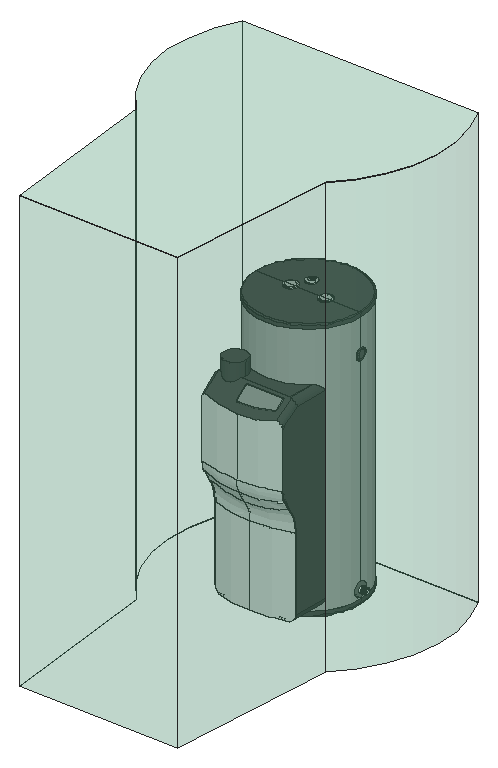
Revit family "Innovo GB_IR 12 160 GB NAT", category Mechanical Equipment, Revit 2015
Parameters (values of type "IR-12-160 GB NAT")
  Workspace Radius = Diameter + 170 mm  # 780 mm
  Workspace Height = Height + 1000 mm  # 2545 mm
  Workspace Front Distance = 1000 mm
  Working only during off-peak hour = no
  Width = Diameter  # 610 mm
  Workspace [instance] = yes
  Water heating energy efficiency class (2) = "-"
  Water heating energy efficiency class (1) = "A"  # constant formula
  Water heating energy efficiency (2) = "-"
  Water heating energy efficiency (1) = "92%"
  Warranty on tank = "36 months"  # constant formula
  Warranty on parts = "12 months"  # constant formula
  Voltage = 230 V  # constant formula
  Valve Height 02 = if(and(Height = 1745 mm, Diameter = 675 mm), 1518 mm, if(and(Height = 1745 mm, Diameter = 610 mm), 1534 mm, if(Height = 1545 mm, 1328 mm, 1070 mm)))  # 1328 mm
  Valve Height 01 = if(and(Diameter > 560 mm), 693 mm, 604 mm)  # 693 mm
  URL = "www.aosmith.co.uk"
  Type of Packaging = "Carton and Wood"  # constant formula
  Transport Weight = 136 kg
  Trade mark = "A.O. Smith"  # constant formula
  Thermostat temperature setting = 65 °C  # constant formula
  T&P Connection Rp = 1"
  Storage Capacity = 245.0 L
  Standard Set For = "G31"
  Stand-by Loss - daily (24h) = 0 W
  Stand-by Loss = 0 W
  Smart control = no
  Serial Number = "8717449286187"
  Seasonal Energy Efficiency Rating = [Energy Efficiency Rating (Hs, acc NEN-EN 89-1999)]  # 96
  Recovery Rate @ ΔT = 70°C = 290.0 L/s
  Recovery Rate @ ΔT = 55°C = 370.0 L/s
  Recovery Rate @ ΔT = 50°C = 400.0 L/s
  Recovery Rate @ ΔT = 44°C = 460.0 L/s
  Recovery Rate @ ΔT = 28°C = 730.0 L/s
  Product Instruction Link = ""
  Product Documentation Link = ""
  Precaustions during assembling, installation or maintenance = "see User, Installation, Service and Maintenance Manual"  # constant formula
  Power Consumption (peak) = 105 W
  Power Consumption (nominal) = 51 W
  Phase = 1
  Packaging Width = 786 mm  # constant formula
  Packaging Length = 946 mm  # constant formula
  Packaging Height = 1695 mm
  Other load profile = "-"
  Operating Weight = 381 kg
  Nominal Output = "23000"
  Nominal Heat Input (Net) = "22000"
  Nominal Heat Input (Gross) = "23900"
  Noice-level dB (A) = "<45"  # constant formula
  NOx Emissions mg/kWh = "80.0/33.0"
  NOx Emissions (air free, 0% O2) ppm = "48.0/20.0"
  Model identifier = "IR-24-285"
  Model = "IR-24-245 GB LP"
  Min. Setpoint = 40 °C  # constant formula
  Max. Setpoint = 85 °C  # constant formula
  Max. Operating Pressure = 800000.0 Pa
  Max. Flue Gas Outlet Temperature = 57 °C
  Manufacturer Number = "E 7110"  # constant formula
  Manufacturer = "A.O. Smith Water Products Company b.v."  # constant formula
  Maintenance Interval = "12 months"  # constant formula
  Load profile = "XXL"
  Length = 780 mm  # constant formula
  Insulation Thickness = 44 mm
  Installation Type = "B23/C13/C33/C43/C53/C63"  # constant formula
  Indoor sound power level = "53 dB"
  Hot / Warm Water Connection R = 1"
  Height Warm Water Outlet = 1545 mm
  Height Gas Connection = 920 mm
  Height Flue Outlet = 1345 mm
  Height Cold Water Inlet = 170 mm
  Height Air Inlet = 1345 mm
  Height = 1545 mm
  Heating Up Time @ ΔT = 70°C = "40"
  Heating Up Time @ ΔT = 55°C = "32"
  Heating Up Time @ ΔT = 50°C = "29"
  Heating Up Time @ ΔT = 44°C = "25"
  Heating Up Time @ ΔT = 28°C = "16"
  Gas Supply Pressure = 3700.0 Pa
  Gas Flow Rate - Volume ltr/hr = "n.a."
  Gas Flow Rate - Mass kg/h = "1.7"
  Gas Connection R = 15"  # constant formula
  Gas Category = "II2E3P"  # constant formula
  Frequency = 50 Hz  # constant formula
  Flue Diameter - water heater = "80/125 mm/mm"  # constant formula
  Flue Diameter - parallel system = "2x80"  # constant formula
  Flue Diameter - concentric system = "80/125 mm/mm"  # constant formula
  Energy Efficiency Rating (Hs, acc NEN-EN 89-1999) = 96
  Energy Efficiency Rating (Hi, acc NEN-EN 89-1999) = 107
  Empty Weight = 120 kg
  Draw-off Capacity @ ΔT = 70°C after 90 min. = 570.0 L
  Draw-off Capacity @ ΔT = 70°C after 60 min. = 430.0 L
  Draw-off Capacity @ ΔT = 70°C after 30 min. = 280.0 L
  Draw-off Capacity @ ΔT = 70°C after 120 min. = 720.0 L
  Draw-off Capacity @ ΔT = 55°C after 90 min. = 760.0 L
  Draw-off Capacity @ ΔT = 55°C after 60 min. = 570.0 L
  Draw-off Capacity @ ΔT = 55°C after 30 min. = 390.0 L
  Draw-off Capacity @ ΔT = 55°C after 120 min. = 940.0 L
  Draw-off Capacity @ ΔT = 50°C after 90 min. = 840.0 L
  Draw-off Capacity @ ΔT = 50°C after 60 min. = 640.0 L
  Draw-off Capacity @ ΔT = 50°C after 30 min. = 440.0 L
  Draw-off Capacity @ ΔT = 50°C after 120 min. = 1100.0 L
  Draw-off Capacity @ ΔT = 44°C after 90 min. = 970.0 L
  Draw-off Capacity @ ΔT = 44°C after 60 min. = 740.0 L
  Draw-off Capacity @ ΔT = 44°C after 30 min. = 510.0 L
  Draw-off Capacity @ ΔT = 44°C after 120 min. = 1200.0 L
  Draw-off Capacity @ ΔT = 28°C after 90 min. = 1600.0 L
  Draw-off Capacity @ ΔT = 28°C after 60 min. = 1200.0 L
  Draw-off Capacity @ ΔT = 28°C after 30 min. = 830.0 L
  Draw-off Capacity @ ΔT = 28°C after 120 min. = 2000.0 L
  Drain Valve Connection Rp = 3/4"  # constant formula
  Diameter = 610 mm
  Destination / Country = "UK & Ireland"  # constant formula
  Description = "Condensing High Efficiency Storage Water Heater"  # constant formula
  Default Setpoint = 65 °C  # constant formula
  Created By = "http://www.cadcompany.nl/"
  Condens Discharge Connection = 40 mm  # constant formula
  Cold Water Connection R = 3/4"  # constant formula
  Co2 Emissions (tol. +/- 1.0) vol% = "10"
  CE-PIN = "0063CQ3037"  # constant formula
  BIM Content Developer = "CAD & Company"  # constant formula
  Assembly Code = "D3010"
  Annual fuel consumption (2) = "-"
  Annual fuel consumption (1) = "21 GJ GCV"
  Annual electricity consumption (2) = "-"
  Annual electricity consumption (1) = "42 kWh"
  APS Pressure < = 210.0 Pa
  2nd Maintenance (general maintenance) = "12 months after installation"  # constant formula
  1e Maintenance (check-up) = "3 months after installation"  # constant formula
Reference planes
  plane 1 "Center (Front/Back)": y = 0
  plane 2: z = 0
  plane 3 "Center (Left/Right)": x = 0
  plane 4 "Pipe": through (-383.901, 912.349, 194.799) normal (-0.0879, -0.0879, 0.9923)
  plane 5 "footing": y = 118.925
  plane 6 "footing front": y = -237.85
  plane 7: x = -305
  plane 8: x = 305
  plane 9: z = 1545
Forms (mm)
  Revolve 1, solid, material "RAL 9005", detail levels medium+fine
    sketch origin (0, -237.85, 0) x (-1, 0, 0) y (0, 0, 1)
      loop
        line (0, 28.9) -> (-15, 28.9) -> (-15, 26.4) -> (-8.671, 26.4) -> (-8.671, 18) -> (-5.686, 18) -> (-6.626, 17.06) -> (-6.626, 12.06) -> (-8.671, 12.06) -> (-8.671, 10) -> (-10.031, 10) -> (-23.271, 5.181)
        arc (-23.271, 5.181) -> (-23.763, 4.836) -> (-24.017, 4.293) r 1.159
        line (-24.017, 4.293) -> (-24.017, 1.03)
        arc (-24.017, 1.03) -> (-23.715, 0.302) -> (-22.986, 0) r 1.03
        line (-22.986, 0) -> (0, 0) -> (0, 28.9)
      axis (0, 28.9) -> (0, 0)
    angle from 0 to 360
  Revolve 2, solid, material "RAL 9005", detail levels medium+fine
    sketch origin (0, 118.925, 0) x (-1, 0, 0) y (0, 0, 1)
      loop
        line (-205.984, 28.9) -> (-220.984, 28.9) -> (-220.984, 26.4) -> (-214.655, 26.4) -> (-214.655, 18) -> (-211.67, 18) -> (-212.61, 17.06) -> (-212.61, 12.06) -> (-214.655, 12.06) -> (-214.655, 10) -> (-216.015, 10) -> (-229.256, 5.181)
        arc (-229.256, 5.181) -> (-229.747, 4.836) -> (-230.001, 4.293) r 1.159
        line (-230.001, 4.293) -> (-230.001, 1.03)
        arc (-230.001, 1.03) -> (-229.699, 0.302) -> (-228.971, 0) r 1.03
        line (-228.971, 0) -> (-205.984, 0) -> (-205.984, 28.9)
      axis (-205.984, 28.9) -> (-205.984, 0)
    angle from 0 to 360
  Revolve 3, solid, material "RAL 9005", detail levels medium+fine
    sketch origin (0, 118.925, 0) x (-1, 0, 0) y (0, 0, 1)
      loop
        line (204.016, 28.9) -> (189.016, 28.9) -> (189.016, 26.4) -> (195.345, 26.4) -> (195.345, 18) -> (198.33, 18) -> (197.39, 17.06) -> (197.39, 12.06) -> (195.345, 12.06) -> (195.345, 10) -> (193.985, 10) -> (180.744, 5.181)
        arc (180.744, 5.181) -> (180.253, 4.836) -> (179.999, 4.293) r 1.159
        line (179.999, 4.293) -> (179.999, 1.03)
        arc (179.999, 1.03) -> (180.301, 0.302) -> (181.029, 0) r 1.03
        line (181.029, 0) -> (204.016, 0) -> (204.016, 28.9)
      axis (204.016, 28.9) -> (204.016, 0)
    angle from 0 to 360
Lines and regions (mm)
  symbolic lines
    curve 1: line (0, 280.06, 0) -> (0, -280.06, 0)
    curve 2: line (-280.06, 0, 0) -> (280.06, 0, 0)
  symbolic lines, style "Workspace"
    curve 3: line (681.142, 380.06, 0) -> (-681.142, 380.06, 0)
    curve 4: arc (-681.142, 380.06, 0) -> (-771.826, -112.627, 0) -> (-544.132, -558.856, 0) r 780
    curve 5: line (-544.132, -558.856, 0) -> (-454.283, -1517.825, 0)
    curve 6: line (-454.283, -1517.825, 0) -> (456.53, -1517.825, 0)
    curve 7: line (456.53, -1517.825, 0) -> (546.343, -556.695, 0)
    curve 8: arc (546.343, -556.695, 0) -> (772.048, -111.097, 0) -> (681.142, 380.06, 0) r 780
Dimensions and locks
  plane 5 "footing" to plane 1 "Center (Front/Back)" = 118.925 mm
  plane 1 "Center (Front/Back)" to plane 6 "footing front" = 237.85 mm
  "Diameter": plane 7 to plane 8
  equal spacing: plane 7, plane 3 "Center (Left/Right)", plane 8
  "Height": plane 9 to plane 2
  "Workspace Front Distance": curve 6 to nested 3
  "Workspace Radius": radius of curve 4
  "Workspace Radius": radius of curve 8
  aligned and locked: level to plane 2
  aligned and locked: nested 3 to Revolve 1 sketch curve
  aligned and locked: plane 3 "Center (Left/Right)" to Revolve 1 sketch curve
  aligned and locked: nested 3 to plane 1 "Center (Front/Back)"
  aligned and locked: plane 3 "Center (Left/Right)" to nested 3
  aligned and locked: nested 1 to plane 8
  aligned and locked: nested 5 to plane 8
  aligned and locked: nested 2 to plane 7
  aligned and locked: nested 4 to plane 7
  aligned and locked: nested 7 to plane 7
  aligned and locked: nested 8 to plane 3 "Center (Left/Right)"
  aligned and locked: plane 1 "Center (Front/Back)" to nested 8
  aligned and locked: nested 8 to nested 3
  aligned and locked: curve 5 to nested 8
  aligned and locked: curve 7 to nested 8
  aligned and locked: curve 3 to nested 8
Automatic sketch dimensions
  Revolve 1 sketch curve to level = 0 mm
  plane 3 "Center (Left/Right)" to Revolve 1 sketch curve = 5.686 mm
  Revolve 1 sketch curve to Revolve 1 sketch curve = 0.94 mm  (x2)
  Revolve 1 sketch curve to Revolve 1 sketch curve = 2.046 mm  (x2)
  Revolve 1 sketch curve to Revolve 1 sketch curve = 1.359 mm
  Revolve 1 sketch curve to Revolve 1 sketch curve = 6.329 mm
  level to Revolve 1 sketch curve = 4.091 mm
  Revolve 1 sketch curve to Revolve 1 sketch curve = 12.844 mm
  level to Revolve 1 sketch curve = 1.03 mm
  Revolve 1 sketch curve to Revolve 1 sketch curve = 0.111 mm
  level to Revolve 1 sketch curve = 5.181 mm
  Revolve 1 sketch curve to Revolve 1 sketch curve = 0.745 mm
  level to Revolve 1 sketch curve = 10 mm
  Revolve 1 sketch curve to Revolve 1 sketch curve = 2.06 mm
  Revolve 1 sketch curve to Revolve 1 sketch curve = 5 mm
  Revolve 1 sketch curve to Revolve 1 sketch curve = 8.4 mm
  Revolve 1 sketch curve to Revolve 1 sketch curve = 2.5 mm
  Revolve 1 sketch curve to level = 19.635 mm
  Revolve 1 sketch curve to Revolve 1 sketch curve = 46.465 mm
  Revolve 2 sketch curve to level = 0 mm
  level to Revolve 2 sketch curve = 1.03 mm
  Revolve 2 sketch curve to plane 8 = 74.999 mm
  level to Revolve 2 sketch curve = 5.181 mm
  Revolve 2 sketch curve to Revolve 2 sketch curve = 0.745 mm
  Revolve 2 sketch curve to Revolve 2 sketch curve = 0.397 mm
  Revolve 2 sketch curve to Revolve 2 sketch curve = 8.271 mm
  Revolve 2 sketch curve to Revolve 2 sketch curve = 13.241 mm
  Revolve 2 sketch curve to Revolve 2 sketch curve = 1.359 mm
  Revolve 2 sketch curve to Revolve 2 sketch curve = 6.329 mm
  Revolve 2 sketch curve to Revolve 2 sketch curve = 2.046 mm
  level to Revolve 2 sketch curve = 18 mm
  Revolve 2 sketch curve to Revolve 2 sketch curve = 0.94 mm  (x2)
  Revolve 2 sketch curve to Revolve 2 sketch curve = 8.671 mm
  Revolve 2 sketch curve to Revolve 2 sketch curve = 1.089 mm
  Revolve 2 sketch curve to Revolve 2 sketch curve = 8 mm
  Revolve 2 sketch curve to Revolve 2 sketch curve = 2.06 mm
  Revolve 2 sketch curve to Revolve 2 sketch curve = 8.4 mm
  Revolve 2 sketch curve to Revolve 2 sketch curve = 2.5 mm
  Revolve 2 sketch curve to Revolve 2 sketch curve = 0 mm
  Revolve 2 sketch curve to level = 19.635 mm
  Revolve 2 sketch curve to Revolve 2 sketch curve = 46.465 mm
  Revolve 3 sketch curve to level = 0 mm
  level to Revolve 3 sketch curve = 1.03 mm
  Revolve 3 sketch curve to plane 7 = 125.001 mm
  level to Revolve 3 sketch curve = 5.181 mm
  Revolve 3 sketch curve to Revolve 3 sketch curve = 0.745 mm
  Revolve 3 sketch curve to Revolve 3 sketch curve = 0.397 mm
  Revolve 3 sketch curve to Revolve 3 sketch curve = 8.271 mm
  Revolve 3 sketch curve to Revolve 3 sketch curve = 13.241 mm
  Revolve 3 sketch curve to Revolve 3 sketch curve = 1.359 mm
  Revolve 3 sketch curve to Revolve 3 sketch curve = 6.329 mm
  Revolve 3 sketch curve to Revolve 3 sketch curve = 2.046 mm
  level to Revolve 3 sketch curve = 18 mm
  Revolve 3 sketch curve to Revolve 3 sketch curve = 0.94 mm  (x2)
  Revolve 3 sketch curve to Revolve 3 sketch curve = 8.671 mm
  Revolve 3 sketch curve to Revolve 3 sketch curve = 1.089 mm
  Revolve 3 sketch curve to Revolve 3 sketch curve = 8 mm
  Revolve 3 sketch curve to Revolve 3 sketch curve = 2.06 mm
  Revolve 3 sketch curve to Revolve 3 sketch curve = 8.4 mm
  Revolve 3 sketch curve to Revolve 3 sketch curve = 2.5 mm
  Revolve 3 sketch curve to Revolve 3 sketch curve = 0 mm
  Revolve 3 sketch curve to level = 19.635 mm
  Revolve 3 sketch curve to Revolve 3 sketch curve = 46.465 mm
  curve 4 to curve 8 = 0 mm  (x2)
  plane 1 "Center (Front/Back)" to curve 2 = 0 mm
  curve 1 to plane 3 "Center (Left/Right)" = 0 mm
  plane 1 "Center (Front/Back)" to curve 4 = 0 mm
  curve 4 to plane 3 "Center (Left/Right)" = 0 mm
  curve 2 to plane 7 = 24.94 mm
  curve 2 to plane 8 = 24.94 mm
  curve 1 to plane 6 "footing front" = 42.21 mm
  plane 5 "footing" to curve 1 = 161.135 mm
Nested families
  nested 1: "Valve" at (305, -0.38, 1328) x (0, 1, 0) z (0, 0, 1), built-in parameter 1001364 <- "Valve Height 02", type "Valve"
  nested 2: "Drain Valve" at (-305, 0, 1328), built-in parameter 1001364 <- "Valve Height 02", type "Drain Valve"
  nested 3: "Housing Mother Housing S 57 (external)" at (0, -299.886, 0), type "Housing Mother_Housing S_57"
    with radius 305 mm, distance to boiler center 154 mm, diameter 610 mm
  nested 4: "Drain Valve" at (-305, 0, 177), type "Drain Valve"
  nested 5: "Drain Valve" at (305, 0, 107) x (-1, 0, 0) z (0, 0, 1), type "Drain Valve"
  nested 6: "Boiler" at (0, 0, 0), height <- "Height", type "Boiler"
    with height 1545 mm, radius 305 mm, Diameter 610 mm
  nested 7: "Drain Valve" at (-305, 0, 693), built-in parameter 1001364 <- "Valve Height 01", type "Drain Valve"
  nested 8: "Innovo_workspace" at (0, 0, 0), Workspace <- "Workspace", Workspace Distance Front <- "Workspace Front Distance", Workspace Height <- "Workspace Height", Workspace Radius <- "Workspace Radius", type "Workspace"
    with Workspace Radius 780 mm, Workspace Height 2545 mm, Workspace Distance Front 1000 mm, Workspace yes, Center to Front 517.825 mm
Connectors
  piping at (339.826, 0, 107), diameter 19.05, driven by "Drain Valve Connection Rp"
    settings: on nested 5, index 1, connector inside diameter 24", connector length 0 mm, flow factor 0, pipe flow 0.0 L/s, pressure drop 0.0 Pa, fitting loss kfactor 0, connector angle 0.00°, fixture units 0, engagement length 0 mm, angle of deflection 0.00°, flow configuration 0, flow direction 0, fitting loss method 0, system type 19, joint type 0, gender type 0, connector reference index -1, connector utility 0, adjustable connector no, is connector primary yes, connector description ""
  hvac at (-147.013, -346.326, 1310.674)
    settings: on nested 3, index 2, duct flow 0.0 L/s, flow factor 0, pres drop 0.0 Pa, loss coef 0, conn angle 0.00°, conn width 304.8 mm, conn height 304.8 mm, conn diameter 125 mm, duct sys type 4, conn prof type 0, flow config 0, flow direction 0, loss method 0, conn ref index -1, conn util no, is conn primary yes, conn desc ""
Definition of nested family "Valve"
  Parameters (values of type "Valve")
    Type Comments = "T&P valve (internal)"
    Manufacturer = "A.O. Smith"
  Reference planes
    plane 1 "Center (Front/Back)": y = 0
    plane 2: z = 0
    plane 3 "Center (Left/Right)": x = 0
  Forms (mm)
    Extrusion 1, solid, detail levels fine
      sketch origin (0, 0, 0) x (1, 0, 0) y (0, 0, 1)
        loop
          circle (0, 0) r 31.5
      from -2.271 to 1.4
    Sweep 2, solid, detail levels fine
      path origin (0, -1.4, 0) x (1, 0, 0) y (0, 0, 1)
        loop
          circle (0, 0) r 31.5
      profile origin (0, -1.4, 31.5) x (0, 0, -1) y (0, -1, 0)
        loop
          line (7.3, 0) -> (7.3, 3) -> (0, 0) -> (7.3, 0)
  Dimensions and locks
    aligned and locked: level to plane 2
Definition of nested family "Drain Valve"
  Reference planes
    plane 1 "Center (Front/Back)": y = 0
    plane 2: z = 0
    plane 3 "Center (Left/Right)": x = 0
  Forms (mm)
    Revolve 1, solid, detail levels medium+fine
      sketch origin (0, 0, 0) x (1, 0, 0) y (0, 0, 1)
        loop
          line (-33.442, 15.696) -> (-34.826, 14.329) -> (-34.93, 12.731) -> (-16.555, 12.731) -> (-16.555, 0) -> (15.787, 0) -> (15.787, 18.3) -> (-14.4, 18.3) -> (-17.148, 15.533) -> (-18.729, 16.697) -> (-20.091, 15.333) -> (-21.672, 16.496) -> (-23.034, 15.133) -> (-24.614, 16.296) -> (-25.976, 14.932) -> (-27.557, 16.096) -> (-28.919, 14.732) -> (-30.5, 15.896) -> (-31.862, 14.532) -> (-33.442, 15.696)
        axis (-34.93, 0) -> (15.787, 0)
      angle from 0 to 360
  Dimensions and locks
    aligned and locked: level to plane 2
  Nested families
    nested 1: "Rubber sealing" at (2.592, -0.155, 0) x (0.0023, -1, 0) z (0, 0, 1), type "Rubber sealing", detail levels fine
  Definition of nested family "Rubber sealing"
    Reference planes
      plane 1 "Center (Front/Back)": y = 0
      plane 2: z = 0
      plane 3 "Center (Left/Right)": x = 0
    Forms (mm)
      Extrusion 1, solid, detail levels fine
        sketch origin (141.861, 319.581, 0) x (1, 0, 0) y (0, 1, 0)
          loop
            line (-216.354, -311.898) -> (-216.354, -313.94)
            arc (-216.354, -313.94) -> (-141.602, -321.581) -> (-66.861, -313.835) r 366.966
            line (-66.861, -313.835) -> (-66.861, -311.791)
            arc (-66.861, -311.791) -> (-141.602, -319.581) -> (-216.354, -311.898) r 364.966
        from -80 to 80
      Extrusion 2, void
        sketch origin (141.861, 319.581, 0) x (1, 0, 0) y (0, 0, 1)
          loop
            circle (-141.861, 0) r 13
          loop
            circle (-141.861, 0) r 110
          loop
            circle (-141.861, 0) r 40
        from 311.563 to 332.684
      Extrusion 3, void
        sketch origin (141.861, 319.581, 0) x (1, 0, 0) y (0, 0, 1)
          loop
            circle (-141.861, 0) r 18.25
        from 315.524 to 326.084
    Cuts and joins
      Extrusion 2, Extrusion 3 cuts Extrusion 1
    Dimensions and locks
      aligned and locked: level to plane 2
Definition of nested family "Housing Mother Housing S 57 (external)"
  Parameters (values of type "Housing Mother_Housing S_57")
    radius [instance] = 280 mm
    distance to boiler center = if(diameter = 675 mm, 189 mm, if(diameter = 610 mm, 154 mm, 129 mm))  # 129 mm
    diameter = 560 mm
  Reference planes
    plane 1 "Center (Front/Back)": y = 0
    plane 2: z = 0
    plane 3 "Center (Left/Right)": x = 0
    plane 4 "left": through (-245.286, 145.886, 1200) normal (0.9994, 0.0349, 0)
    plane 5: y = -217.939
    plane 6: y = 145.886
    plane 7: z = 1232.6
    plane 8: z = 65.89
    plane 9 "right": through (245.286, 145.886, 1200) normal (0.9994, -0.0349, 0)
    plane 10 "display": through (0, -90.37, 1221.196) normal (0, -0.5736, 0.8192)
    plane 11 "Potentiostat": z = 867.899
    plane 12 "boiler center": y = 274.886
    plane 13: x = -280
    plane 14: x = 280
  Forms (mm)
    Extrusion 1, solid
      sketch origin (0, 0, 0) x (1, 0, 0) y (0, 1, 0)
        loop
          line (-245.286, 145.886) -> (-232.581, -217.939) -> (232.581, -217.939) -> (245.286, 145.886)
          arc (245.286, 145.886) -> (0, 0.923) -> (-245.286, 145.886) r 280
      from 0 to 1232.6
    Sweep 2, void
      path origin (0, 0, 0) x (0, 1, 0) y (0, 0, 1)
        loop
          line (-217.939, 1232.6) -> (-217.939, 795.555)
          arc (-217.939, 795.555) -> (-212.387, 754.285) -> (-197.694, 715.322) r 183.924
          arc (-197.694, 715.322) -> (-179.915, 684.628) -> (-159.106, 655.901) r 348.284
          arc (-159.106, 655.901) -> (-131.411, 600.328) -> (-121.88, 538.973) r 202.254
          line (-121.88, 538.973) -> (-121.88, 61.106)
      profile origin (0, -217.939, 1014.077) x (1, 0, 0) y (0, 1, 0)
        loop
          arc (0, 0) -> (-117.533, 9.941) -> (-231.728, 39.475) r 699.984
          arc (-231.728, 39.475) -> (-233.391, 40.705) -> (-234.07, 42.659) r 3.505
          line (-234.07, 42.659) -> (-254.062, 42.659) -> (-254.062, -142.593) -> (254.07, -142.593) -> (254.07, 42.659) -> (234.07, 42.659)
          arc (234.07, 42.659) -> (233.391, 40.705) -> (231.728, 39.475) r 3.505
          arc (231.728, 39.475) -> (117.533, 9.941) -> (0, 0) r 699.984
    Extrusion 3, void
      sketch origin (0, 0, 0) x (0, 1, 0) y (0, 0, 1)
        loop
          arc (102.864, 70.869) -> (99.804, 70.709) -> (96.874, 69.813) r 12.57
          arc (96.874, 69.813) -> (87.878, 66.533) -> (78.516, 64.529) r 69.114
          arc (78.516, 64.529) -> (76.41, 64.284) -> (74.294, 64.148) r 41.206
          arc (74.294, 64.148) -> (65.203, 64.335) -> (56.122, 64.782) r 318.661
          arc (56.122, 64.782) -> (30.585, 66.179) -> (5.028, 67.128) r 1456.581
          line (5.028, 67.128) -> (-84.534, 73.135)
          arc (-84.534, 73.135) -> (-86.363, 73.808) -> (-87.536, 75.365) r 3.455
          line (-87.536, 75.365) -> (-264.473, 75.365) -> (-264.473, 0) -> (160.886, 0) -> (160.886, 103.945) -> (145.886, 103.945)
          arc (145.886, 103.945) -> (145.104, 97.827) -> (142.923, 92.059) r 26.364
          arc (142.923, 92.059) -> (141.067, 88.936) -> (138.867, 86.045) r 31.715
          arc (138.867, 86.045) -> (135.576, 82.49) -> (132.021, 79.2) r 62.615
          arc (132.021, 79.2) -> (125.841, 74.697) -> (119.091, 71.103) r 54.444
          arc (119.091, 71.103) -> (116.371, 70.272) -> (113.531, 70.123) r 11.669
          line (113.531, 70.123) -> (102.864, 70.869)
      from -254.062 to 254.07
    Sweep 4, void
      path origin (0, 0, 0) x (1, 0, 0) y (0, 1, 0)
        loop
          line (-245.286, 145.886) -> (-232.581, -217.939)
      profile origin (-238.933, -36.027, 0) x (0.999391, 0.034899, 0) y (0, 0, 1)
        loop
          line (-4.454, 0) -> (47.084, 0) -> (47.084, 73.431)
          arc (47.084, 73.431) -> (14.222, 85.134) -> (0.255, 117.1) r 43.922
          line (0.255, 117.1) -> (-4.454, 117.1) -> (-4.454, 0)
    Sweep 5, void
      path origin (0, 0, 0) x (-1, 0, 0) y (0, 1, 0)
        loop
          line (-245.286, 145.886) -> (-232.581, -217.939)
      profile origin (238.933, -36.027, 0) x (0.999391, -0.034899, 0) y (0, 0, 1)
        loop
          line (4.454, 0) -> (4.454, 117.1) -> (-0.255, 117.1)
          arc (-0.255, 117.1) -> (-14.222, 85.134) -> (-47.084, 73.431) r 43.922
          line (-47.084, 73.431) -> (-47.084, 0) -> (4.454, 0)
    Sweep 6, void
      path origin (-239.899, -8.377, 0) x (-0.034899, 0.999391, 0) y (0, 0, 1)
        loop
          line (-209.69, 1141.272) -> (-79.18, 1232.6) -> (154.358, 1232.6)
      profile origin (-241.211, 29.188, 1232.6) x (0, 0, 1) y (0.999391, 0.034899, 0)
        loop
          line (-45, -30) -> (75, -30) -> (75, 0) -> (75, 55) -> (2.799, 55) -> (-1.253, 35.128)
          arc (-1.253, 35.128) -> (-16.771, 9.564) -> (-45, -0.308) r 44.287
          line (-45, -0.308) -> (-45, -30)
    Sweep 7, void
      path origin (239.899, -8.377, 0) x (0.034899, 0.999391, 0) y (0, 0, 1)
        loop
          line (-209.69, 1141.272) -> (-79.18, 1232.6) -> (154.358, 1232.6)
      profile origin (241.211, 29.188, 1232.6) x (0, 0, -1) y (-0.999391, 0.034899, 0)
        loop
          line (-75, -25) -> (45, -25) -> (45, -0.308)
          arc (45, -0.308) -> (16.771, 9.564) -> (1.253, 35.128) r 44.287
          line (1.253, 35.128) -> (-2.799, 55) -> (-75, 55) -> (-75, -25)
    Extrusion 8, void
      sketch origin (0, 0, 0) x (0, 1, 0) y (0, 0, 1)
        loop
          line (-270, 1336.099) -> (-270, 1099.081) -> (68.497, 1336.099) -> (-270, 1336.099)
      from -425.038 to 444.42
    Extrusion 9, solid, detail levels medium+fine
      sketch origin (0, 0, 0) x (1, 0, 0) y (0, 1, 0)
        loop
          circle (-147.013, -46.44) r 65
      from 1163.174 to 1310.674
    Extrusion 10, void
      sketch origin (0, -603.506, 861.895) x (0, 0.819152, 0.573576) y (-1, 0, 0)
        loop
          arc (618.322, -173) -> (623.272, -170.95) -> (625.322, -166) r 7
          line (625.322, -166) -> (625.322, 35)
          arc (625.322, 35) -> (623.272, 39.95) -> (618.322, 42) r 7
          line (618.322, 42) -> (535.473, 42)
          arc (535.473, 42) -> (530.688, 40.11) -> (528.488, 35.46) r 7
          arc (528.488, 35.46) -> (531.569, -67.592) -> (554.18, -168.18) r 540
          arc (554.18, -168.18) -> (556.724, -171.668) -> (560.831, -173) r 7
          line (560.831, -173) -> (618.322, -173)
      from 0 to 137.286
    Sweep 11, solid, detail levels fine
      path origin (0, 0, 867.899) x (-1, 0, 0) y (0, -1, 0)
        loop
          line (309.749, -35.617) -> (204.371, -35.617)
          arc (204.371, -35.617) -> (196.509, -34.687) -> (189.082, -31.947) r 33.677
          line (189.082, -31.947) -> (-9.574, 69.274)
      profile origin (-257.06, 35.617, 867.899) x (0, 1, 0) y (0, 0, 1)
        loop
          circle (0, 0) r 7.316
        loop
          circle (0, 0) r 6.465
    Revolve 12, void
      sketch origin (0, 274.886, 0) x (-1, 0, 0) y (0, 0, 1)
        loop
          line (280, 1243.838) -> (0, 1243.838) -> (0, 54.9) -> (280, 54.9) -> (280, 1243.838)
        axis (0, 1243.838) -> (0, 54.9)
      angle from 0 to 360
  Cuts and joins
    Sweep 2, Extrusion 3, Sweep 4, Sweep 5, Sweep 6, Sweep 7, Extrusion 8, Extrusion 10, Revolve 12 cuts Extrusion 1
  Dimensions and locks
    plane 8 to plane 2 = 65.89 mm
    plane 7 to plane 8 = 1166.71 mm
    "distance to boiler center": plane 12 "boiler center" to plane 6
    "diameter": plane 14 to plane 13
    equal spacing: plane 14, plane 3 "Center (Left/Right)", plane 13
    "radius": plane 3 "Center (Left/Right)" to plane 13
    aligned and locked: level to plane 2
    aligned and locked: Extrusion 1 to plane 7
    aligned and locked: Extrusion 1 sketch curve to plane 5
    aligned and locked: Sweep 2 to Extrusion 3
    aligned and locked: Extrusion 3 to Sweep 2  (x2)
    aligned and locked: plane 7 to Sweep 2 sketch curve
    aligned and locked: plane 3 "Center (Left/Right)" to Revolve 12 sketch curve
    aligned and locked: Revolve 12 sketch curve to plane 3 "Center (Left/Right)"
    aligned and locked: plane 13 to Revolve 12 sketch curve
  Automatic sketch dimensions
    Extrusion 1 sketch curve to plane 4 "left" = 0 mm  (x2)
    Extrusion 1 sketch curve to plane 6 = 0 mm  (x2)
    Extrusion 1 sketch curve to plane 3 "Center (Left/Right)" = 0 mm
    Extrusion 1 sketch curve to plane 9 "right" = 0 mm
    plane 6 to Extrusion 1 sketch curve = 135.037 mm
    Sweep 2 sketch curve to plane 5 = 0 mm
    plane 5 to Sweep 2 sketch curve = 106.195 mm
    Sweep 2 sketch curve to plane 5 = 96.059 mm
    plane 1 "Center (Front/Back)" to Sweep 2 sketch curve = 34.053 mm
    plane 11 "Potentiostat" to Sweep 2 sketch curve = 6.417 mm
    Sweep 2 sketch curve to plane 6 = 33.705 mm
    Sweep 2 sketch curve to plane 11 "Potentiostat" = 68.615 mm
    Sweep 2 sketch curve to plane 11 "Potentiostat" = 72.345 mm
    Sweep 2 sketch curve to Sweep 2 sketch curve = 176.349 mm
    Sweep 2 sketch curve to Sweep 2 sketch curve = 0 mm  (x2)
    plane 8 to Sweep 2 sketch curve = 4.784 mm
    Extrusion 3 sketch curve to level = 0 mm
    Extrusion 3 sketch curve to plane 6 = 0 mm
    Extrusion 3 sketch curve to plane 6 = 26.363 mm
    Extrusion 3 sketch curve to Extrusion 3 sketch curve = 4.75 mm
    Extrusion 3 sketch curve to Extrusion 3 sketch curve = 5.179 mm
    Extrusion 3 sketch curve to plane 8 = 4.232 mm
    Extrusion 3 sketch curve to Extrusion 3 sketch curve = 0.814 mm
    Extrusion 3 sketch curve to plane 8 = 4.978 mm
    Extrusion 3 sketch curve to Extrusion 3 sketch curve = 10.667 mm
    Extrusion 3 sketch curve to Extrusion 3 sketch curve = 0.877 mm
    Extrusion 3 sketch curve to Extrusion 3 sketch curve = 17.827 mm
    Extrusion 3 sketch curve to Extrusion 3 sketch curve = 5.646 mm
    Extrusion 3 sketch curve to plane 6 = 69.562 mm
    Extrusion 3 sketch curve to Extrusion 3 sketch curve = 18.6 mm
    Extrusion 3 sketch curve to Extrusion 3 sketch curve = 22.538 mm
    Extrusion 3 sketch curve to plane 8 = 1.238 mm
    Extrusion 3 sketch curve to plane 1 "Center (Front/Back)" = 5.028 mm
    plane 1 "Center (Front/Back)" to Extrusion 3 sketch curve = 36.224 mm
    Extrusion 3 sketch curve to plane 8 = 10.692 mm
    plane 1 "Center (Front/Back)" to Extrusion 3 sketch curve = 84.302 mm
    Extrusion 3 sketch curve to plane 8 = 7.244 mm
    Extrusion 3 sketch curve to Extrusion 3 sketch curve = 0.231 mm
    Extrusion 3 sketch curve to Extrusion 3 sketch curve = 3.234 mm
    plane 5 to Extrusion 3 sketch curve = 46.534 mm
    plane 6 to Extrusion 3 sketch curve = 15 mm
    Extrusion 3 sketch curve to level = 1388.869 mm
    plane 8 to Extrusion 3 sketch curve = 7.561 mm
    Extrusion 3 sketch curve to Extrusion 3 sketch curve = 11.64 mm
    Extrusion 3 sketch curve to plane 8 = 38.054 mm
    Extrusion 3 sketch curve to Extrusion 3 sketch curve = 22.442 mm
    Extrusion 3 sketch curve to plane 8 = 39.432 mm
    Extrusion 3 sketch curve to Extrusion 3 sketch curve = 2.466 mm
    Extrusion 3 sketch curve to Extrusion 3 sketch curve = 14.17 mm
    Extrusion 3 sketch curve to Extrusion 3 sketch curve = 5.925 mm
    Extrusion 3 sketch curve to Extrusion 3 sketch curve = 6.186 mm
    Extrusion 3 sketch curve to Extrusion 3 sketch curve = 249.85 mm
    Extrusion 3 sketch curve to Extrusion 3 sketch curve = 0 mm  (x4)
    Extrusion 3 sketch curve to Extrusion 3 sketch curve = 6.845 mm
    plane 8 to Extrusion 3 sketch curve = 1.743 mm
    Sweep 4 sketch curve to plane 4 "left" = 0 mm  (x2)
    Sweep 4 sketch curve to plane 6 = 0 mm
    plane 5 to Sweep 4 sketch curve = 0 mm
    Sweep 4 sketch curve to level = 0 mm
    profile plane to Sweep 4 sketch curve = 4.454 mm
    Sweep 4 sketch curve to profile plane = 0.255 mm
    Sweep 4 sketch curve to Sweep 4 sketch curve = 43.922 mm
    Sweep 4 sketch curve to profile plane = 47.084 mm
    level to Sweep 4 sketch curve = 73.431 mm
    Sweep 4 sketch curve to Sweep 4 sketch curve = 43.669 mm
    Sweep 5 sketch curve to plane 6 = 0 mm
    Sweep 5 sketch curve to plane 9 "right" = 0 mm  (x2)
    plane 5 to Sweep 5 sketch curve = 0 mm
    Sweep 5 sketch curve to level = 0 mm
    profile plane to Sweep 5 sketch curve = 47.084 mm
    Sweep 5 sketch curve to Sweep 5 sketch curve = 2.907 mm
    profile plane to Sweep 5 sketch curve = 0.255 mm
    Sweep 5 sketch curve to profile plane = 4.454 mm
    level to Sweep 5 sketch curve = 73.431 mm
    Sweep 5 sketch curve to Sweep 5 sketch curve = 43.669 mm
    Sweep 6 sketch curve to plane 7 = 0 mm
    plane 7 to Sweep 6 sketch curve = 91.328 mm
    Sweep 6 sketch curve to Sweep 6 sketch curve = 130.509 mm
    Sweep 6 sketch curve to Sweep 6 sketch curve = 233.538 mm
    Sweep 6 sketch curve to plane 4 "left" = 0 mm
    profile plane to Sweep 6 sketch curve = 45 mm
    Sweep 6 sketch curve to Sweep 6 sketch curve = 0.354 mm
    profile plane to Sweep 6 sketch curve = 1.253 mm
    Sweep 6 sketch curve to profile plane = 2.799 mm
    Sweep 6 sketch curve to Sweep 6 sketch curve = 72.201 mm
    Sweep 6 sketch curve to plane 4 "left" = 0.308 mm
    Sweep 6 sketch curve to Sweep 6 sketch curve = 29.692 mm
    plane 4 "left" to Sweep 6 sketch curve = 35.128 mm
    plane 4 "left" to Sweep 6 sketch curve = 55 mm
    Sweep 7 sketch curve to plane 7 = 0 mm
    Sweep 7 sketch curve to plane 7 = 91.328 mm
    Sweep 7 sketch curve to Sweep 7 sketch curve = 130.509 mm
    Sweep 7 sketch curve to Sweep 7 sketch curve = 233.538 mm
    Sweep 7 sketch curve to plane 9 "right" = 25 mm
    profile plane to Sweep 7 sketch curve = 75 mm
    profile plane to Sweep 7 sketch curve = 2.799 mm
    Sweep 7 sketch curve to profile plane = 1.253 mm
    Sweep 7 sketch curve to Sweep 7 sketch curve = 43.393 mm
    Sweep 7 sketch curve to profile plane = 45 mm
    Sweep 7 sketch curve to plane 9 "right" = 0.308 mm
    plane 9 "right" to Sweep 7 sketch curve = 35.128 mm
    Sweep 7 sketch curve to Sweep 7 sketch curve = 19.872 mm
    plane 5 to Extrusion 8 sketch curve = 52.061 mm
    Extrusion 8 sketch curve to plane 1 "Center (Front/Back)" = 68.497 mm
    plane 7 to Extrusion 8 sketch curve = 133.519 mm
    Extrusion 8 sketch curve to plane 7 = 103.499 mm
    plane 1 "Center (Front/Back)" to Extrusion 9 sketch curve = 46.44 mm
    Extrusion 9 sketch curve to plane 3 "Center (Left/Right)" = 147.013 mm
    Extrusion 10 sketch curve to plane 3 "Center (Left/Right)" = 0 mm
    Extrusion 10 sketch curve to plane 3 "Center (Left/Right)" = 35 mm
    Extrusion 10 sketch curve to Extrusion 10 sketch curve = 25.359 mm
    Extrusion 10 sketch curve to Extrusion 10 sketch curve = 57.491 mm
    Extrusion 10 sketch curve to plane 3 "Center (Left/Right)" = 42 mm
    Extrusion 10 sketch curve to Extrusion 10 sketch curve = 82.85 mm
    Extrusion 10 sketch curve to Extrusion 10 sketch curve = 7 mm
    Extrusion 10 sketch curve to Extrusion 10 sketch curve = 442 mm
    plane 3 "Center (Left/Right)" to Extrusion 10 sketch curve = 166 mm
    Extrusion 10 sketch curve to Extrusion 10 sketch curve = 0 mm  (x2)
    Sweep 11 sketch curve to plane 1 "Center (Front/Back)" = 31.947 mm
    Sweep 11 sketch curve to plane 3 "Center (Left/Right)" = 189.082 mm
    Sweep 11 sketch curve to plane 1 "Center (Front/Back)" = 1.94 mm
    Sweep 11 sketch curve to Sweep 11 sketch curve = 15.289 mm
    plane 3 "Center (Left/Right)" to Sweep 11 sketch curve = 9.574 mm
    Sweep 11 sketch curve to Sweep 11 sketch curve = 105.378 mm
    plane 1 "Center (Front/Back)" to Sweep 11 sketch curve = 69.274 mm
    Sweep 11 sketch curve to Sweep 11 sketch curve = 0 mm  (x2)
    Sweep 11 sketch curve to plane 11 "Potentiostat" = 0 mm
    Sweep 11 sketch curve to profile plane = 0 mm
    plane 8 to Revolve 12 sketch curve = 10.99 mm
    Revolve 12 sketch curve to plane 7 = 11.238 mm
    Revolve 12 sketch curve to level = 366.045 mm
    Revolve 12 sketch curve to Revolve 12 sketch curve = 971.917 mm
    Sweep 2 sketch curve to plane 3 "Center (Left/Right)" = 0 mm
    profile plane to Sweep 2 sketch curve = 0 mm
    Sweep 2 sketch curve to plane 3 "Center (Left/Right)" = 0.016 mm
    Sweep 2 sketch curve to profile plane = 42.782 mm  (x2)
    Sweep 2 sketch curve to plane 3 "Center (Left/Right)" = 230.568 mm
    plane 3 "Center (Left/Right)" to Sweep 2 sketch curve = 0.016 mm
    plane 3 "Center (Left/Right)" to Sweep 2 sketch curve = 230.568 mm
    Sweep 2 sketch curve to Sweep 2 sketch curve = 3.502 mm  (x2)
    Sweep 2 sketch curve to Sweep 2 sketch curve = 20 mm
    profile plane to Sweep 2 sketch curve = 142.593 mm
    Sweep 2 sketch curve to Sweep 2 sketch curve = 0.122 mm  (x2)
    Sweep 2 sketch curve to Sweep 2 sketch curve = 657.203 mm
    Sweep 2 sketch curve to Sweep 2 sketch curve = 19.991 mm
    radius of Extrusion 9 sketch curve = 65 mm
    radius of Sweep 11 sketch curve = 7.316 mm
    radius of Sweep 11 sketch curve = 6.465 mm
  Nested families
    nested 1: "display" at (65.5, -130.939, 1192.79) x (-1, 0, 0) z (0, -0.5736, 0.8192), type "display"
  Definition of nested family "display"
    Parameters (values of type "display")
      Default Elevation = 1219.2 mm
    Reference planes
      plane 1 "Center (Front/Back)": y = 0
      plane 2: z = 0
      plane 3 "Center (Left/Right)": x = 0
    Forms (mm)
      Extrusion 1, solid, detail levels medium+fine
        sketch origin (-16.958, 11.842, -343.878) x (1, 0, 0) y (0, 0, -1)
          loop
            line (-233.523, -343.878) -> (-233.523, -346.592) -> (332.686, -346.592) -> (332.686, -343.878) -> (-233.523, -343.878)
        from -228.7 to 150.822
      Extrusion 2, void
        sketch origin (-16.958, 6.842, -343.878) x (1, 0, 0) y (0, 1, 0)
          loop
            line (-233.523, 155.822) -> (-233.523, -223.7) -> (332.686, -223.7) -> (332.686, 155.822) -> (-233.523, 155.822)
          loop
            arc (-90.542, -48.267) -> (-88.492, -53.216) -> (-83.542, -55.267) r 7
            line (-83.542, -55.267) -> (117.458, -55.267)
            arc (117.458, -55.267) -> (122.408, -53.216) -> (124.458, -48.267) r 7
            line (124.458, -48.267) -> (124.458, 34.583)
            arc (124.458, 34.583) -> (122.568, 39.368) -> (117.918, 41.568) r 7
            arc (117.918, 41.568) -> (14.866, 38.487) -> (-85.722, 15.876) r 540
            arc (-85.722, 15.876) -> (-89.21, 13.332) -> (-90.542, 9.224) r 7
            line (-90.542, 9.224) -> (-90.542, -48.267)
        from 328.878 to 363.083
    Cuts and joins
      Extrusion 2 cuts Extrusion 1
    Dimensions and locks
      aligned and locked: level to plane 2
Definition of nested family "Boiler"
  Parameters (values of type "Boiler")
    radius [instance] = 280 mm
    height [instance] = 1270 mm
    Diameter = 560 mm
  Reference planes
    plane 1 "Center (Front/Back)": y = 0
    plane 2: z = 0
    plane 3 "Center (Left/Right)": x = 0
    plane 4: z = 1243.838
    plane 5: z = 1270
    plane 6 "bottom": z = 28.9
    plane 7: z = 54.9
    plane 8 "top controle": y = 88
    plane 9: x = -280
    plane 10: x = 280
  Forms (mm)
    Revolve 1, solid
      sketch origin (0, 0, 0) x (1, 0, 0) y (0, 0, 1)
        loop
          line (0, 54.9) -> (-280, 54.9) -> (-280, 32.9)
          arc (-280, 32.9) -> (-278.828, 30.072) -> (-276, 28.9) r 4
          line (-276, 28.9) -> (0, 28.9) -> (0, 54.9)
        axis (0, 28.9) -> (0, 54.9)
      angle from 0 to 360
    Revolve 2, solid
      sketch origin (1.311, 0, 0) x (1, 0, 0) y (0, 0, 1)
        loop
          line (-278.86, 1243.838) -> (-278.86, 54.9) -> (-1.311, 54.9) -> (-1.311, 1243.838) -> (-278.86, 1243.838)
        axis (-1.311, 1243.838) -> (-1.311, 54.9)
      angle from 0 to 360
    Revolve 3, solid
      sketch origin (-9.205, 0, 377.212) x (-1, 0, 0) y (0, 0, 1)
        loop
          line (-148.904, 892.788) -> (-110.805, 892.788) -> (-110.805, 895.963) -> (-141.883, 895.963) -> (-148.904, 893.62) -> (-148.904, 892.788)
        axis (-110.805, 892.788) -> (-110.805, 895.963)
      angle from 0 to 360
    Revolve 4, solid
      sketch origin (0, 0, 718.065) x (1, 0, 0) y (0, 0, -1)
        loop
          line (0, -525.773) -> (-280, -525.773) -> (-280, -547.935)
          arc (-280, -547.935) -> (-278.828, -550.763) -> (-276, -551.935) r 4
          line (-276, -551.935) -> (0, -551.935) -> (0, -525.773)
        axis (0, -551.935) -> (0, -525.773)
      angle from 0 to 360
    Revolve 5, solid
      sketch origin (0, 88, 0) x (1, 0, 0) y (0, 0, 1)
        loop
          line (-19.051, 1270) -> (-19.051, 1271.074) -> (-32.63, 1275.604) -> (-32.63, 1271.117) -> (-37.266, 1271.117) -> (-38.383, 1270) -> (-19.051, 1270)
        axis (-50.8, 1270) -> (-50.8, 1275.604)
      angle from 0 to 360
    Revolve 6, solid
      sketch origin (-217.12, 0, 372.245) x (-1, 0, 0) y (0, 0, 1)
        loop
          line (-153.622, 897.755) -> (-115.52, 897.755) -> (-115.52, 900.93) -> (-146.626, 900.93) -> (-153.622, 898.596) -> (-153.622, 897.755)
        axis (-115.52, 897.755) -> (-115.52, 900.93)
      angle from 0 to 360
  Dimensions and locks
    "height": plane 5 to plane 2
    plane 6 "bottom" to plane 2 = 28.9 mm
    locked: plane 5 to plane 4 at 26.162
    locked: plane 1 "Center (Front/Back)" to plane 8 "top controle" at 88
    "Diameter": plane 10 to plane 9
    equal spacing: plane 10, plane 3 "Center (Left/Right)", plane 9
    "radius": plane 3 "Center (Left/Right)" to plane 9
    locked: plane 9 to Revolve 2 sketch curve at 2.452
    aligned and locked: level to plane 2
    aligned and locked: Revolve 2 sketch curve to plane 7
    aligned and locked: Revolve 2 sketch curve to plane 4
    aligned and locked: Revolve 1 sketch curve to plane 7
    aligned and locked: plane 6 "bottom" to Revolve 1 sketch curve
    aligned and locked: Revolve 4 sketch curve to plane 3 "Center (Left/Right)"
    aligned and locked: plane 5 to Revolve 4 sketch curve
    aligned and locked: Revolve 4 sketch curve to plane 4
    aligned and locked: plane 9 to Revolve 4 sketch curve
    aligned and locked: Revolve 1 sketch curve to plane 9
    aligned and locked: Revolve 2 sketch curve to plane 3 "Center (Left/Right)"
    aligned and locked: plane 3 "Center (Left/Right)" to Revolve 2 sketch curve
  Automatic sketch dimensions
    Revolve 1 sketch curve to plane 3 "Center (Left/Right)" = 0 mm  (x2)
    Revolve 1 sketch curve to Revolve 1 sketch curve = 4 mm
    Revolve 1 sketch curve to level = 40 mm
    Revolve 1 sketch curve to Revolve 1 sketch curve = 305.1 mm
    Revolve 2 sketch curve to level = 366.045 mm
    Revolve 2 sketch curve to plane 5 = 945.755 mm
    Revolve 3 sketch curve to plane 5 = 0 mm
    Revolve 3 sketch curve to plane 3 "Center (Left/Right)" = 139.699 mm
    plane 5 to Revolve 3 sketch curve = 3.175 mm
    Revolve 3 sketch curve to Revolve 3 sketch curve = 7.022 mm
    Revolve 3 sketch curve to Revolve 3 sketch curve = 31.078 mm
    Revolve 3 sketch curve to Revolve 3 sketch curve = 0.832 mm
    Revolve 3 sketch curve to Revolve 3 sketch curve = 0 mm
    Revolve 3 sketch curve to Revolve 3 sketch curve = 2.338 mm
    Revolve 3 sketch curve to Revolve 3 sketch curve = 4.487 mm
    Revolve 4 sketch curve to plane 3 "Center (Left/Right)" = 0 mm
    Revolve 4 sketch curve to Revolve 4 sketch curve = 4 mm
    Revolve 4 sketch curve to Revolve 4 sketch curve = 68.738 mm
    Revolve 4 sketch curve to Revolve 4 sketch curve = 305.1 mm
    Revolve 6 sketch curve to plane 5 = 0 mm
    plane 3 "Center (Left/Right)" to Revolve 6 sketch curve = 63.497 mm
    plane 5 to Revolve 6 sketch curve = 3.175 mm
    Revolve 6 sketch curve to Revolve 6 sketch curve = 6.997 mm
    Revolve 6 sketch curve to Revolve 6 sketch curve = 31.106 mm
    Revolve 6 sketch curve to Revolve 6 sketch curve = 0.84 mm
    Revolve 6 sketch curve to Revolve 6 sketch curve = 0 mm
    Revolve 6 sketch curve to Revolve 6 sketch curve = 7.216 mm
    Revolve 6 sketch curve to Revolve 6 sketch curve = 0.391 mm
    Revolve 5 sketch curve to Revolve 5 sketch curve = 13.578 mm
    Revolve 5 sketch curve to Revolve 5 sketch curve = 1.074 mm
    Revolve 5 sketch curve to Revolve 5 sketch curve = 12.417 mm
    Revolve 5 sketch curve to Revolve 5 sketch curve = 5.753 mm
    Revolve 5 sketch curve to plane 5 = 1.117 mm
    Revolve 5 sketch curve to Revolve 5 sketch curve = 1.117 mm
    plane 5 to Revolve 5 sketch curve = 4.396 mm
    Revolve 5 sketch curve to plane 5 = 0 mm
    Revolve 5 sketch curve to Revolve 5 sketch curve = 4.487 mm
    Revolve 5 sketch curve to plane 3 "Center (Left/Right)" = 38.383 mm
    Revolve 5 sketch curve to plane 5 = 5.604 mm
Definition of nested family "Innovo_workspace"
  Parameters (values of type "Workspace")
    Workspace Radius [instance] = 730 mm
    Workspace Height [instance] = 2270 mm
    Workspace Distance Front [instance] = 1000 mm
    Workspace [instance] = yes
    URL = "www.aosmith.nl"
    Model = ""
    Manufacturer = "A.O. Smith Water Products Company b.v."  # constant formula
    Description = ""
    Created By = ""
    Center to Front [instance] = 492.825 mm
    BIM Content Developer = "CAD & Company"  # constant formula
    Assembly Code = ""
  Reference planes
    plane 1 "Center (Front/Back)": y = 0
    plane 2: z = 0
    plane 3 "Center (Left/Right)": x = 0
    plane 4 "Pipe": through (-383.901, 912.349, 194.799) normal (-0.0879, -0.0879, 0.9923)
    plane 5 "front": y = -492.825
  Forms (mm)
    Extrusion 1, solid, visible <- "Workspace"
      sketch origin (0, 0, 0) x (1, 0, 0) y (0, 1, 0)
        loop
          line (456.53, -1492.825) -> (500.201, -531.695)
          arc (500.201, -531.695) -> (723.44, -97.643) -> (623.261, 380.06) r 730
          line (623.261, 380.06) -> (-623.261, 380.06)
          arc (-623.261, 380.06) -> (-723.227, -99.209) -> (-497.893, -533.856) r 730
          line (-497.893, -533.856) -> (-454.283, -1492.825) -> (456.53, -1492.825)
      from 0 to 2270 <- "Workspace Height"
  Lines and regions (mm)
    symbolic lines
      curve 1: line (0, 280.06, 0) -> (0, -280.06, 0)
      curve 2: line (-255.06, 0, 0) -> (255.06, 0, 0)
  Dimensions and locks
    locked: Extrusion 1 sketch curve to curve 1 at 100
    "Workspace Distance Front": plane 5 "front" to Extrusion 1
    "Center to Front": plane 1 "Center (Front/Back)" to plane 5 "front"
    "Workspace Radius": radius of Extrusion 1 sketch curve  (x2)
    aligned and locked: level to plane 2
  Automatic sketch dimensions
    plane 1 "Center (Front/Back)" to curve 2 = 0 mm
    curve 1 to plane 3 "Center (Left/Right)" = 0 mm
    plane 3 "Center (Left/Right)" to curve 2 = 255.06 mm
    curve 1 to plane 1 "Center (Front/Back)" = 280.06 mm
    curve 2 to plane 3 "Center (Left/Right)" = 255.06 mm
    plane 5 "front" to curve 1 = 212.765 mm
    Extrusion 1 sketch curve to Extrusion 1 sketch curve = 0 mm  (x2)
    plane 1 "Center (Front/Back)" to Extrusion 1 sketch curve = 0 mm
    Extrusion 1 sketch curve to plane 3 "Center (Left/Right)" = 0 mm
    Extrusion 1 sketch curve to plane 5 "front" = 41.031 mm
    Extrusion 1 sketch curve to plane 3 "Center (Left/Right)" = 454.283 mm
    plane 3 "Center (Left/Right)" to Extrusion 1 sketch curve = 456.53 mm
    Extrusion 1 sketch curve to plane 5 "front" = 38.869 mm
    Extrusion 1 sketch curve to Extrusion 1 sketch curve = 961.131 mm
